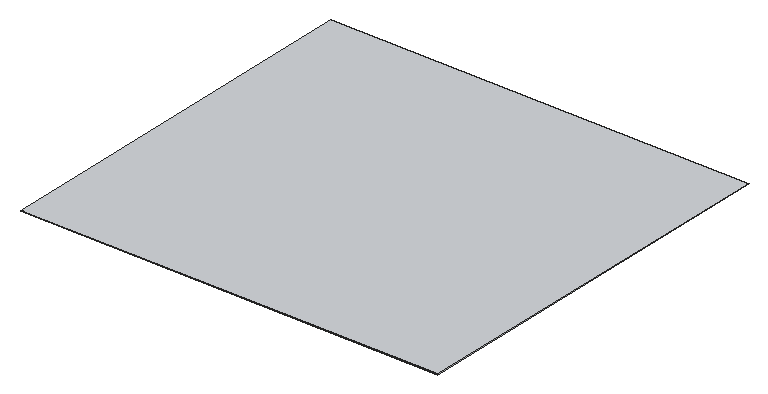
Revit family "WLL_bay_template", category Walls, Revit 2024
Family settings
  Work Plane-Based = No
  Always vertical = No
  Cut with Voids When Loaded = No
  Shared = Yes
Parameters
  Type IFC Predefined Type = "PARTITIONING"
  Structural Material = <By Category>
  HSL_drofus_room_func_no [instance] = ""
  HSL_WIDTH [instance] = 2367.295 mm
  HSL_ROOM_NUMBER = ""
  HSL_ROOM_NAME_SHORT [instance] = ""
  HSL_ROOM_NAME [instance] = ""
  HSL_HEIGHT [instance] = 2438.4 mm
  HSL_GROSS_FLOOR_AREA [instance] = 0.00 m²
  HSL_DEPTH [instance] = 1044.001 mm
  HSL_DEPARTMENT_2 [instance] = ""
  HSL_DEPARTMENT_1 [instance] = ""
  HSL_DEPARTMENT [instance] = ""
  HSL_CLIENT_REQ_AREA_DIFF_PERC [instance] = if(HSL_GROSS_FLOOR_AREA - HSL_CLIENT_REQ_AREA = 0.00 m², 0, if(HSL_CLIENT_REQ_AREA = 0.00 m², 9999, 100 * (HSL_GROSS_FLOOR_AREA - HSL_CLIENT_REQ_AREA) / HSL_CLIENT_REQ_AREA))  # 0
  HSL_CLIENT_REQ_AREA_DIFF [instance] = HSL_GROSS_FLOOR_AREA - HSL_CLIENT_REQ_AREA  # 0.00 m²
  HSL_CLIENT_REQ_AREA [instance] = 0.00 m²
  Export Type to IFC As = "IfcWallType"
Reference planes
  plane 1: z = 0
  plane 2: z = 2438.4
  plane 3: x = 0
  plane 4: y = 0
Dimensions and locks
  "HSL_HEIGHT": plane 2 to level
  aligned and locked: nested 2 to plane 3
  aligned and locked: plane 4 to nested 2
  aligned and locked: nested 3 to plane 3
  aligned and locked: plane 4 to nested 3
Nested families
  nested 1: "ANN_Planning_nested_tag" at (0, -0.618, 0), HSL_DEPTH <- "HSL_DEPTH", HSL_WIDTH <- "HSL_WIDTH", HSL_ROOM_NAME_SHORT <- "HSL_ROOM_NAME_SHORT", HSL_drofus_room_func_no <- "HSL_drofus_room_func_no", HSL_CLIENT_REQ_AREA <- "HSL_CLIENT_REQ_AREA", HSL_GROSS_FLOOR_AREA <- "HSL_GROSS_FLOOR_AREA", type "ANN_Planning_nested_tag"
    with HSL_drofus_room_func_no "", HSL_WIDTH 2367.295 mm, HSL_ROOM_NAME_SHORT "", HSL_ID_INSTANCE "", HSL_GROSS_FLOOR_AREA 0.00 m², HSL_DEPTH 1044.001 mm, HSL_CLIENT_REQ_AREA 0.00 m²
  nested 2: "GEN_Inner_Nested_Bay_template" at (0, 0, 0), HSL_DEPARTMENT <- "HSL_DEPARTMENT", HSL_DEPARTMENT_1 <- "HSL_DEPARTMENT_1", HSL_DEPARTMENT_2 <- "HSL_DEPARTMENT_2", HSL_ROOM_NUMBER <- "HSL_ROOM_NUMBER", HSL_drofus_room_func_no <- "HSL_drofus_room_func_no", HSL_CLIENT_REQ_AREA_DIFF <- "HSL_CLIENT_REQ_AREA_DIFF", HSL_CLIENT_REQ_AREA_DIFF_PERC <- "HSL_CLIENT_REQ_AREA_DIFF_PERC", HSL_DEPTH <- "HSL_DEPTH", HSL_HEIGHT <- "HSL_HEIGHT", HSL_WIDTH <- "HSL_WIDTH", type "Rectangle_Inner_Nested", detail levels medium+fine
    with HSL_drofus_room_func_no "", HSL_WIDTH 2367.295 mm, HSL_ROOM_NUMBER "", HSL_HEIGHT 2438.4 mm, HSL_DEPTH 1044.001 mm, HSL_DEPARTMENT_2 "", HSL_DEPARTMENT_1 "", HSL_DEPARTMENT "", HSL_CLIENT_REQ_AREA_DIFF_PERC 0, HSL_CLIENT_REQ_AREA_DIFF 0.00 m²
  nested 3: "GEN_Inner_Nested_Coarse_Bay_template" at (0, 0, 0), HSL_DEPTH <- "HSL_DEPTH", HSL_HEIGHT <- "HSL_HEIGHT", HSL_WIDTH <- "HSL_WIDTH", HSL_DEPARTMENT <- "HSL_DEPARTMENT", HSL_DEPARTMENT_1 <- "HSL_DEPARTMENT_1", HSL_DEPARTMENT_2 <- "HSL_DEPARTMENT_2", HSL_ROOM_NUMBER <- "HSL_ROOM_NUMBER", HSL_drofus_room_func_no <- "HSL_drofus_room_func_no", HSL_CLIENT_REQ_AREA_DIFF <- "HSL_CLIENT_REQ_AREA_DIFF", HSL_CLIENT_REQ_AREA_DIFF_PERC <- "HSL_CLIENT_REQ_AREA_DIFF_PERC", type "Rectangle_Inner_Nested", detail levels coarse
    with HSL_drofus_room_func_no "", HSL_WIDTH 2367.295 mm, HSL_ROOM_NUMBER "", HSL_HEIGHT 2438.4 mm, HSL_DEPTH 1044.001 mm, HSL_DEPARTMENT_2 "", HSL_DEPARTMENT_1 "", HSL_DEPARTMENT "", HSL_CLIENT_REQ_AREA_DIFF_PERC 0, HSL_CLIENT_REQ_AREA_DIFF 0.00 m²
Definition of nested family "GEN_Inner_Nested_Bay_template"
  Parameters (values of type "Rectangle_Inner_Nested")
    Learning Link = ""
    HSL_drofus_room_func_no [instance] = ""
    HSL_WIDTH [instance] = 1880 mm
    HSL_ROOM_NUMBER [instance] = ""
    HSL_HEIGHT [instance] = 1574.089 mm
    HSL_DEPTH [instance] = 1766.032 mm
    HSL_DEPARTMENT_2 [instance] = ""
    HSL_DEPARTMENT_1 [instance] = ""
    HSL_DEPARTMENT [instance] = ""
    HSL_CLIENT_REQ_AREA_DIFF_PERC [instance] = 0
    HSL_CLIENT_REQ_AREA_DIFF [instance] = 0.00 m²
    Default Elevation = 0 mm
  Reference planes
    plane 1 "Center (Front/Back)": y = 0
    plane 2: z = 0
    plane 3 "Center (Left/Right)": x = 0
    plane 4: z = 1574.089
  Forms (mm)
    Extrusion 1, solid, detail levels medium+fine
      sketch origin (0, 0, 0) x (1, 0, 0) y (0, 1, 0)
        loop
          line (-832.073, 775.089) -> (-832.073, -775.089) -> (832.073, -775.089) -> (832.073, 775.089) -> (-832.073, 775.089)
      from 0 to 1
  Lines and regions (mm)
    model lines, detail levels medium+fine
      curve 1: line (0, 0, 0) -> (0, 0, 1574.089)
  Dimensions and locks
    "HSL_HEIGHT": plane 4 to level
    aligned and locked: level to plane 2
    aligned and locked: plane 4 to curve 1
    aligned and locked: level to curve 1
    aligned and locked: plane 3 "Center (Left/Right)" to curve 1
  Automatic sketch dimensions
    plane 3 "Center (Left/Right)" to Extrusion 1 sketch curve = 832.073 mm
    Extrusion 1 sketch curve to plane 1 "Center (Front/Back)" = 775.089 mm
    Extrusion 1 sketch curve to plane 3 "Center (Left/Right)" = 832.073 mm
    plane 1 "Center (Front/Back)" to Extrusion 1 sketch curve = 775.089 mm
Definition of nested family "ANN_Planning_nested_tag"
  Parameters (values of type "ANN_Planning_nested_tag")
    Learning Link = ""
    HSL_drofus_room_func_no [instance] = "00.00.00"
    HSL_WIDTH [instance] = 2000 mm
    HSL_ROOM_NAME_SHORT [instance] = "SAMPLE"
    HSL_ID_INSTANCE [instance] = ""
    HSL_GROSS_FLOOR_AREA [instance] = 60.00 m²
    HSL_DEPTH [instance] = 3000 mm
    HSL_CLIENT_REQ_AREA [instance] = 30.00 m²
    Default Elevation = 0 mm
  Reference planes
    plane 1 "Center (Front/Back)": y = 0
    plane 2: z = 0
    plane 3 "Center (Left/Right)": x = 0
  Dimensions and locks
    aligned and locked: level to plane 2
  Nested families
    nested 1: "SYM_Planning_Annotation" at (-30, -159.812, 0), HSL_GROSS_FLOOR_AREA <- "HSL_GROSS_FLOOR_AREA", HSL_ROOM_NAME_SHORT <- "HSL_ROOM_NAME_SHORT", HSL_drofus_room_func_no <- "HSL_drofus_room_func_no", HSL_DEPTH <- "HSL_DEPTH", HSL_WIDTH <- "HSL_WIDTH", HSL_CLIENT_REQ_AREA <- "HSL_CLIENT_REQ_AREA", type "SYM_Planning_Annotation"
      with HSL_drofus_room_func_no "00.00.00", HSL_WIDTH 2000 mm, HSL_ROOM_NAME_SHORT "SAMPLE", HSL_GROSS_FLOOR_AREA 60.00 m², HSL_DEPTH 3000 mm, HSL_CLIENT_REQ_AREA 30.00 m²
  Definition of nested family "SYM_Planning_Annotation"
    Parameters (values of type "SYM_Planning_Annotation")
      HSL_drofus_room_func_no [instance] = ""
      HSL_WIDTH [instance] = 0 mm
      HSL_ROOM_NAME_SHORT [instance] = ""
      HSL_GROSS_FLOOR_AREA [instance] = 0.00 m²
      HSL_DEPTH [instance] = 0 mm
      HSL_CLIENT_REQ_AREA [instance] = 0.00 m²
    Reference planes
      plane 1: y = 0
      plane 2: x = 0
    Text (mm)
      label "HSL_WIDTH/ HSL_DEPTH\nHSL_drofus_room_func_no\nHSL_ROOM_NAME_SHORT\nHSL_GROSS_FLOOR_AREA /  [HSL_CLIENT_REQ_AREA]" at (1.878, 17.288, 0), shows "HSL_WIDTH", "HSL_DEPTH", "HSL_drofus_room_func_no", "HSL_ROOM_NAME_SHORT", "HSL_GROSS_FLOOR_AREA", "HSL_CLIENT_REQ_AREA"
Definition of nested family "GEN_Inner_Nested_Coarse_Bay_template"
  Parameters (values of type "Rectangle_Inner_Nested")
    Learning Link = ""
    HSL_drofus_room_func_no [instance] = ""
    HSL_WIDTH [instance] = 3000 mm
    HSL_ROOM_NUMBER [instance] = ""
    HSL_HEIGHT [instance] = 1574.089 mm
    HSL_DEPTH [instance] = 3000 mm
    HSL_DEPARTMENT_2 [instance] = ""
    HSL_DEPARTMENT_1 [instance] = ""
    HSL_DEPARTMENT [instance] = ""
    HSL_CLIENT_REQ_AREA_DIFF_PERC [instance] = 0
    HSL_CLIENT_REQ_AREA_DIFF [instance] = 0.00 m²
    Default Elevation = 0 mm
  Reference planes
    plane 1 "Center (Front/Back)": y = 0
    plane 2: z = 0
    plane 3 "Center (Left/Right)": x = 0
    plane 4: z = 1574.089
  Forms (mm)
    Extrusion 1, solid, detail levels coarse
      sketch origin (0, 0, 0) x (1, 0, 0) y (0, 1, 0)
        loop
          arc (-1200, 1400) -> (-1341.421, 1341.421) -> (-1400, 1200) r 200
          line (-1400, 1200) -> (-1400, -1200)
          arc (-1400, -1200) -> (-1341.421, -1341.421) -> (-1200, -1400) r 200
          line (-1200, -1400) -> (1200, -1400)
          arc (1200, -1400) -> (1341.421, -1341.421) -> (1400, -1200) r 200
          line (1400, -1200) -> (1400, 1200)
          arc (1400, 1200) -> (1341.421, 1341.421) -> (1200, 1400) r 200
          line (1200, 1400) -> (-1200, 1400)
      from 0 to 1
  Lines and regions (mm)
    model lines, detail levels coarse
      curve 1: line (0, 0, 0) -> (0, 0, 1574.089)
    symbolic lines, detail levels coarse
      curve 2: line (1200, 1400, 0) -> (-1200, 1400, 0)
      curve 3: line (-1400, 1200, 0) -> (-1400, -1200, 0)
      curve 4: line (1400, -1200, 0) -> (1400, 1200, 0)
      curve 5: line (-1200, -1400, 0) -> (1200, -1400, 0)
      curve 6: arc (-1400, 1200, 0) -> (-1341.421, 1341.421, 0) -> (-1200, 1400, 0) r 200
      curve 7: arc (1200, 1400, 0) -> (1341.421, 1341.421, 0) -> (1400, 1200, 0) r 200
      curve 8: arc (1400, -1200, 0) -> (1341.421, -1341.421, 0) -> (1200, -1400, 0) r 200
      curve 9: arc (-1200, -1400, 0) -> (-1341.421, -1341.421, 0) -> (-1400, -1200, 0) r 200
  Dimensions and locks
    "HSL_HEIGHT": plane 4 to level
    aligned and locked: level to plane 2
    aligned and locked: plane 4 to curve 1
    aligned and locked: level to curve 1
    aligned and locked: plane 3 "Center (Left/Right)" to curve 1
  Automatic sketch dimensions
    curve 6 to plane 1 "Center (Front/Back)" = 1200 mm
    Extrusion 1 sketch curve to Extrusion 1 sketch curve = 200 mm  (x3)
    Extrusion 1 sketch curve to plane 1 "Center (Front/Back)" = 1200 mm
    plane 3 "Center (Left/Right)" to curve 5 = 1200 mm
    plane 3 "Center (Left/Right)" to curve 7 = 1200 mm
    curve 7 to curve 4 = 200 mm
    plane 3 "Center (Left/Right)" to Extrusion 1 sketch curve = 1200 mm
    plane 1 "Center (Front/Back)" to curve 8 = 1200 mm
    plane 1 "Center (Front/Back)" to Extrusion 1 sketch curve = 1200 mm
    curve 9 to plane 3 "Center (Left/Right)" = 1200 mm
    curve 6 to plane 3 "Center (Left/Right)" = 1200 mm
    curve 3 to curve 9 = 200 mm
    Extrusion 1 sketch curve to plane 3 "Center (Left/Right)" = 1200 mm  (x2)
